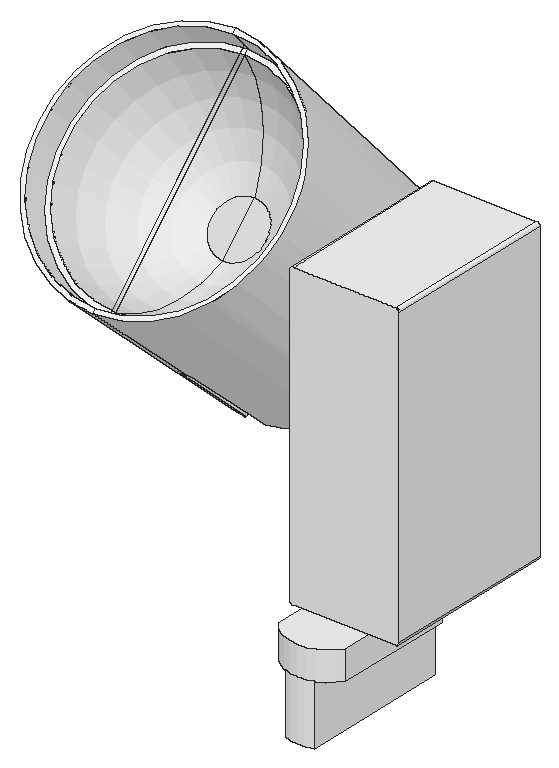
Revit family "0004870 Feilo Sylvania Lighting Fixture START TRACK SPOT L 55W 3K RA90 WB WHITE", category Lighting Fixtures, host Face, Revit 2017 (continued)
Definition of nested family "Start Track Spot Head"
  Types (96, lengths in mm): name | Wattage | built-in parameter 1150134 | Photometric Web File | Model | built-in parameter 1150105 | Lumens | built-in parameter 1150107 | built-in parameter 1150106 | HeadThickness_FEILO | HeadRibOffset_FEILO | HeadRibDepth_FEILO | HeadRibCutWidth_FEILO | HeadRibCutOffset_FEILO | HeadReflectorRadius_FEILO | HeadReflectorOffset_FEILO | HeadLEDRadius_FEILO | HeadHeight_FEILO | HeadDiffusorOffset_FEILO | HeadDiaOut_FEILO | HeadDiaIn_FEILO | HeadAxisFromTop_FEILO | Emit from Circle Diameter | built-in parameter 1150104 | Description | Apparent Load
    0004864 START TRACK SPOT S 24W 3K RA90 WB WHITE | 24 W | (empty or 0) | "0004864.ies" | "START TRACK SPOT S 24W 3K RA90 WB WHITE" | 152.79 (stored number, unit not read) | 1920 lm | 3000 (stored number, unit not read) | 1.5279 (stored number, unit not read) | 1.5 | 4.179 | 55.714 | 7.167 | 50.87 | 50.588 | 55.714 | 9.556 | 117 | 9.435 | 86 | 77.477 | 69.354 | 77.477 | 7.4322 (stored number, unit not read) | "Integrated LED spotlight, Textured White - RAL9016, compact and minimalist design, ideal for retail applications, die-cast aluminium body, passive cooling heatsink. Beam angle: 64°, color temperature: 3000K , total system power: 24W, total fixture output: 1928 lm, LOR: 100%, colour rendering: Ra: 90 typical, LED Chromaticity: 3 step MacAdam ellipse, lifetime: >50000 hours at L70B50, energy class: A++, A+, A, IR/UV free light source without heat radiation, operating voltage: 220-240V / 50-60Hz, drive current: 600mA, electronic driver, non-dimmable, power factor: 0.95, electrical protection: Class II, Global Track 3 Phase adapter suitable for Global trac 3-circuit tracks, ingress protection rating: IP20, suitable for internal environment only, horizontal rotation: 355°, vertical tilt: 90°, dimensions: Ø86x140x200, weight: 0.966kg." | 24 VA
    0004863 START TRACK SPOT S 24W 3K RA90 MB WHITE | 24 W | (empty or 0) | "0004863.ies" | "START TRACK SPOT S 24W 3K RA90 MB WHITE" | 154.7 (stored number, unit not read) | 1944 lm | 3000 (stored number, unit not read) | 1.547 (stored number, unit not read) | 1.5 | 4.179 | 55.714 | 7.167 | 50.87 | 50.588 | 55.714 | 9.556 | 117 | 9.435 | 86 | 77.477 | 69.354 | 77.477 | 7.5251 (stored number, unit not read) | "Integrated LED spotlight, Textured White - RAL9016, compact and minimalist design, ideal for retail applications, die-cast aluminium body, passive cooling heatsink. Beam angle: 36°, color temperature: 3000K , total system power: 24W, total fixture output: 1944 lm, LOR: 100%, colour rendering: Ra: 90 typical, LED Chromaticity: 3 step MacAdam ellipse, lifetime: >50000 hours at L70B50, energy class: A++, A+, A, IR/UV free light source without heat radiation, operating voltage: 220-240V / 50-60Hz, drive current: 600mA, electronic driver, non-dimmable, power factor: 0.95, electrical protection: Class II, Global Track 3 Phase adapter suitable for Global trac 3-circuit tracks, ingress protection rating: IP20, suitable for internal environment only, horizontal rotation: 355°, vertical tilt: 90°, dimensions: Ø86x140x200, weight: 0.966kg." | 24 VA
    0004862 START TRACK SPOT S 24W 3K RA90 NB WHITE | 24 W | (empty or 0) | "0004862.ies" | "START TRACK SPOT S 24W 3K RA90 NB WHITE" | 158.52 (stored number, unit not read) | 1992 lm | 3000 (stored number, unit not read) | 1.5852 (stored number, unit not read) | 1.5 | 4.179 | 55.714 | 7.167 | 50.87 | 50.588 | 55.714 | 9.556 | 117 | 9.435 | 86 | 77.477 | 69.354 | 77.477 | 7.711 (stored number, unit not read) | "Integrated LED spotlight, Textured White - RAL9016, compact and minimalist design, ideal for retail applications, die-cast aluminium body, passive cooling heatsink. Beam angle: 12°, color temperature: 3000K , total system power: 24W, total fixture output: 1987 lm, LOR: 100%, colour rendering: Ra: 90 typical, LED Chromaticity: 3 step MacAdam ellipse, lifetime: >50000 hours at L70B50, energy class: A++, A+, A, IR/UV free light source without heat radiation, operating voltage: 220-240V / 50-60Hz, drive current: 600mA, electronic driver, non-dimmable, power factor: 0.95, electrical protection: Class II, Global Track 3 Phase adapter suitable for Global trac 3-circuit tracks, ingress protection rating: IP20, suitable for internal environment only, horizontal rotation: 355°, vertical tilt: 90°, dimensions: Ø86x140x200, weight: 0.966kg." | 24 VA
    0004861 START TRACK SPOT S 14W 3K RA90 WB WHITE | 14 W | (empty or 0) | "0004861.ies" | "START TRACK SPOT S 14W 3K RA90 WB WHITE" | 100.27 (stored number, unit not read) | 1260 lm | 3000 (stored number, unit not read) | 1.0027 (stored number, unit not read) | 1.5 | 4.179 | 55.714 | 7.167 | 50.87 | 50.588 | 55.714 | 9.556 | 117 | 9.435 | 86 | 77.477 | 69.354 | 77.477 | 8.3613 (stored number, unit not read) | "Integrated LED spotlight, Textured White - RAL9016, compact and minimalist design, ideal for retail applications, die-cast aluminium body, passive cooling heatsink. Beam angle: 64°, color temperature: 3000K , total system power: 14W, total fixture output: 1262 lm, LOR: 100%, colour rendering: Ra: 90 typical, LED Chromaticity: 3 step MacAdam ellipse, lifetime: >50000 hours at L70B50, energy class: A++, A+, A, IR/UV free light source without heat radiation, operating voltage: 220-240V / 50-60Hz, drive current: 350mA, electronic driver, non-dimmable, power factor: 0.92, electrical protection: Class II, Global Track 3 Phase adapter suitable for Global trac 3-circuit tracks, ingress protection rating: IP20, suitable for internal environment only, horizontal rotation: 355°, vertical tilt: 90°, dimensions: Ø86x140x200, weight: 0.940kg." | 14 VA
    0004860 START TRACK SPOT S 14W 3K RA90 MB WHITE | 14 W | (empty or 0) | "0004860.ies" | "START TRACK SPOT S 14W 3K RA90 MB WHITE" | 100.27 (stored number, unit not read) | 1260 lm | 3000 (stored number, unit not read) | 1.0027 (stored number, unit not read) | 1.5 | 4.179 | 55.714 | 7.167 | 50.87 | 50.588 | 55.714 | 9.556 | 117 | 9.435 | 86 | 77.477 | 69.354 | 77.477 | 8.3613 (stored number, unit not read) | "Integrated LED spotlight, Textured White - RAL9016, compact and minimalist design, ideal for retail applications, die-cast aluminium body, passive cooling heatsink. Beam angle: 36°, color temperature: 3000K , total system power: 14W, total fixture output: 1262 lm, LOR: 100%, colour rendering: Ra: 90 typical, LED Chromaticity: 3 step MacAdam ellipse, lifetime: >50000 hours at L70B50, energy class: A++, A+, A, IR/UV free light source without heat radiation, operating voltage: 220-240V / 50-60Hz, drive current: 350mA, electronic driver, non-dimmable, power factor: 0.92, electrical protection: Class II, Global Track 3 Phase adapter suitable for Global trac 3-circuit tracks, ingress protection rating: IP20, suitable for internal environment only, horizontal rotation: 355°, vertical tilt: 90°, dimensions: Ø86x140x200, weight: 0.940kg." | 14 VA
    0004859 START TRACK SPOT S 14W 3K RA90 NB WHITE | 14 W | (empty or 0) | "0004859.ies" | "START TRACK SPOT S 14W 3K RA90 NB WHITE" | 102.5 (stored number, unit not read) | 1288 lm | 3000 (stored number, unit not read) | 1.025 (stored number, unit not read) | 1.5 | 4.179 | 55.714 | 7.167 | 50.87 | 50.588 | 55.714 | 9.556 | 117 | 9.435 | 86 | 77.477 | 69.354 | 77.477 | 8.5471 (stored number, unit not read) | "Integrated LED spotlight, Textured White - RAL9016, compact and minimalist design, ideal for retail applications, die-cast aluminium body, passive cooling heatsink. Beam angle: 12°, color temperature: 3000K , total system power: 14W, total fixture output: 1284 lm, LOR: 100%, colour rendering: Ra: 90 typical, LED Chromaticity: 3 step MacAdam ellipse, lifetime: >50000 hours at L70B50, energy class: A++, A+, A, IR/UV free light source without heat radiation, operating voltage: 220-240V / 50-60Hz, drive current: 350mA, electronic driver, non-dimmable, power factor: 0.92, electrical protection: Class II, Global Track 3 Phase adapter suitable for Global trac 3-circuit tracks, ingress protection rating: IP20, suitable for internal environment only, horizontal rotation: 355°, vertical tilt: 90°, dimensions: Ø86x140x200, weight: 0.940kg." | 14 VA
    0004858 START TRACK SPOT L 55W 4K RA80 WB BLACK | 55 W | 12 | "0004858.ies" | "START TRACK SPOT L 55W 4K RA80 WB BLACK" | 424.55 (stored number, unit not read) | 5335 lm | 4000 (stored number, unit not read) | 4.2455 (stored number, unit not read) | 2 | 4.429 | 59.048 | 9.417 | 53.913 | 66.471 | 59.048 | 12.556 | 124 | 10 | 113 | 101.802 | 73.503 | 101.802 | 9.0116 (stored number, unit not read) | "Integrated LED spotlight, Textured Black - RAL9005, compact and minimalist design, ideal for retail applications, die-cast aluminium body, passive cooling heatsink. Beam angle: 52°, color temperature: 4000K , total system power: 55W, total fixture output: 5320 lm, LOR: 100%, colour rendering: Ra: 80 typical, LED Chromaticity: 3 step MacAdam ellipse, lifetime: >50000 hours at L70B50, energy class: A++, A+, A, IR/UV free light source without heat radiation, operating voltage: 220-240V / 50-60Hz, drive current: 1400mA, electronic driver, non-dimmable, power factor: 0.96, electrical protection: Class II, Global Track 3 Phase adapter suitable for Global trac 3-circuit tracks, ingress protection rating: IP20, suitable for internal environment only, horizontal rotation: 355°, vertical tilt: 90°, dimensions: Ø113x164x240, weight: 1.398kg." | 55 VA
    0004857 START TRACK SPOT L 55W 4K RA80 MB BLACK | 55 W | 12 | "0004857.ies" | "START TRACK SPOT L 55W 4K RA80 MB BLACK" | 428.92 (stored number, unit not read) | 5390 lm | 4000 (stored number, unit not read) | 4.2892 (stored number, unit not read) | 2 | 4.429 | 59.048 | 9.417 | 53.913 | 66.471 | 59.048 | 12.556 | 124 | 10 | 113 | 101.802 | 73.503 | 101.802 | 9.1045 (stored number, unit not read) | "Integrated LED spotlight, Textured Black - RAL9005, compact and minimalist design, ideal for retail applications, die-cast aluminium body, passive cooling heatsink. Beam angle: 38°, color temperature: 4000K , total system power: 55W, total fixture output: 5378 lm, LOR: 100%, colour rendering: Ra: 80 typical, LED Chromaticity: 3 step MacAdam ellipse, lifetime: >50000 hours at L70B50, energy class: A++, A+, A, IR/UV free light source without heat radiation, operating voltage: 220-240V / 50-60Hz, drive current: 1400mA, electronic driver, non-dimmable, power factor: 0.96, electrical protection: Class II, Global Track 3 Phase adapter suitable for Global trac 3-circuit tracks, ingress protection rating: IP20, suitable for internal environment only, horizontal rotation: 355°, vertical tilt: 90°, dimensions: Ø113x164x240, weight: 1.398kg." | 55 VA
    0004856 START TRACK SPOT L 55W 4K RA80 NB BLACK | 55 W | 12 | "0004856.ies" | "START TRACK SPOT L 55W 4K RA80 NB BLACK" | 433.3 (stored number, unit not read) | 5445 lm | 4000 (stored number, unit not read) | 4.333 (stored number, unit not read) | 2 | 4.429 | 59.048 | 9.417 | 53.913 | 66.471 | 59.048 | 12.556 | 124 | 10 | 113 | 101.802 | 73.503 | 101.802 | 9.1974 (stored number, unit not read) | "Integrated LED spotlight, Textured Black - RAL9005, compact and minimalist design, ideal for retail applications, die-cast aluminium body, passive cooling heatsink. Beam angle: 15°, color temperature: 4000K , total system power: 55W, total fixture output: 5426 lm, LOR: 100%, colour rendering: Ra: 80 typical, LED Chromaticity: 3 step MacAdam ellipse, lifetime: >50000 hours at L70B50, energy class: A++, A+, A, IR/UV free light source without heat radiation, operating voltage: 220-240V / 50-60Hz, drive current: 1400mA, electronic driver, non-dimmable, power factor: 0.96, electrical protection: Class II, Global Track 3 Phase adapter suitable for Global trac 3-circuit tracks, ingress protection rating: IP20, suitable for internal environment only, horizontal rotation: 355°, vertical tilt: 90°, dimensions: Ø113x164x240, weight: 1.398kg." | 55 VA
    0004855 START TRACK SPOT L 35W 4K RA80 WB BLACK | 35 W | 12 | "0004855.ies" | "START TRACK SPOT L 35W 4K RA80 WB BLACK" | 320.3 (stored number, unit not read) | 4025 lm | 4000 (stored number, unit not read) | 3.203 (stored number, unit not read) | 2 | 4.429 | 59.048 | 9.417 | 53.913 | 66.471 | 59.048 | 12.556 | 124 | 10 | 113 | 101.802 | 73.503 | 101.802 | 10.684 (stored number, unit not read) | "Integrated LED spotlight, Textured Black - RAL9005, compact and minimalist design, ideal for retail applications, die-cast aluminium body, passive cooling heatsink. Beam angle: 52°, color temperature: 4000K , total system power: 35W, total fixture output: 4010 lm, LOR: 100%, colour rendering: Ra: 80 typical, LED Chromaticity: 3 step MacAdam ellipse, lifetime: >50000 hours at L70B50, energy class: A++, A+, A, IR/UV free light source without heat radiation, operating voltage: 220-240V / 50-60Hz, drive current: 900mA, electronic driver, non-dimmable, power factor: 0.93, electrical protection: Class II, Global Track 3 Phase adapter suitable for Global trac 3-circuit tracks, ingress protection rating: IP20, suitable for internal environment only, horizontal rotation: 355°, vertical tilt: 90°, dimensions: Ø113x164x240, weight: 1.368kg." | 35 VA
    0004854 START TRACK SPOT L 35W 4K RA80 MB BLACK | 35 W | 12 | "0004854.ies" | "START TRACK SPOT L 35W 4K RA80 MB BLACK" | 320.3 (stored number, unit not read) | 4025 lm | 4000 (stored number, unit not read) | 3.203 (stored number, unit not read) | 2 | 4.429 | 59.048 | 9.417 | 53.913 | 66.471 | 59.048 | 12.556 | 124 | 10 | 113 | 101.802 | 73.503 | 101.802 | 10.684 (stored number, unit not read) | "Integrated LED spotlight, Textured Black - RAL9005, compact and minimalist design, ideal for retail applications, die-cast aluminium body, passive cooling heatsink. Beam angle: 38°, color temperature: 4000K , total system power: 35W, total fixture output: 4017 lm, LOR: 100%, colour rendering: Ra: 80 typical, LED Chromaticity: 3 step MacAdam ellipse, lifetime: >50000 hours at L70B50, energy class: A++, A+, A, IR/UV free light source without heat radiation, operating voltage: 220-240V / 50-60Hz, drive current: 900mA, electronic driver, non-dimmable, power factor: 0.93, electrical protection: Class II, Global Track 3 Phase adapter suitable for Global trac 3-circuit tracks, ingress protection rating: IP20, suitable for internal environment only, horizontal rotation: 355°, vertical tilt: 90°, dimensions: Ø113x164x240, weight: 1.368kg." | 35 VA
    0004853 START TRACK SPOT L 35W 4K RA80 NB BLACK | 35 W | 12 | "0004853.ies" | "START TRACK SPOT L 35W 4K RA80 NB BLACK" | 331.44 (stored number, unit not read) | 4165 lm | 4000 (stored number, unit not read) | 3.3144 (stored number, unit not read) | 2 | 4.429 | 59.048 | 9.417 | 53.913 | 66.471 | 59.048 | 12.556 | 124 | 10 | 113 | 101.802 | 73.503 | 101.802 | 11.055 (stored number, unit not read) | "Integrated LED spotlight, Textured Black - RAL9005, compact and minimalist design, ideal for retail applications, die-cast aluminium body, passive cooling heatsink. Beam angle: 15°, color temperature: 4000K , total system power: 35W, total fixture output: 4174 lm, LOR: 100%, colour rendering: Ra: 80 typical, LED Chromaticity: 3 step MacAdam ellipse, lifetime: >50000 hours at L70B50, energy class: A++, A+, A, IR/UV free light source without heat radiation, operating voltage: 220-240V / 50-60Hz, drive current: 900mA, electronic driver, non-dimmable, power factor: 0.93, electrical protection: Class II, Global Track 3 Phase adapter suitable for Global trac 3-circuit tracks, ingress protection rating: IP20, suitable for internal environment only, horizontal rotation: 355°, vertical tilt: 90°, dimensions: Ø113x164x240, weight: 1.368kg." | 35 VA
    0004852 START TRACK SPOT S 24W 4K RA80 WB BLACK | 24 W | 12 | "0004852.ies" | "START TRACK SPOT S 24W 4K RA80 WB BLACK" | 196.72 (stored number, unit not read) | 2472 lm | 4000 (stored number, unit not read) | 1.9672 (stored number, unit not read) | 1.5 | 4.179 | 55.714 | 7.167 | 50.87 | 50.588 | 55.714 | 9.556 | 117 | 9.435 | 86 | 77.477 | 69.354 | 77.477 | 9.569 (stored number, unit not read) | "Integrated LED spotlight, Textured Black - RAL9005, compact and minimalist design, ideal for retail applications, die-cast aluminium body, passive cooling heatsink. Beam angle: 64°, color temperature: 4000K , total system power: 24W, total fixture output: 2476 lm, LOR: 100%, colour rendering: Ra: 80 typical, LED Chromaticity: 3 step MacAdam ellipse, lifetime: >50000 hours at L70B50, energy class: A++, A+, A, IR/UV free light source without heat radiation, operating voltage: 220-240V / 50-60Hz, drive current: 600mA, electronic driver, non-dimmable, power factor: 0.95, electrical protection: Class II, Global Track 3 Phase adapter suitable for Global trac 3-circuit tracks, ingress protection rating: IP20, suitable for internal environment only, horizontal rotation: 355°, vertical tilt: 90°, dimensions: Ø86x140x200, weight: 0.966kg." | 24 VA
    0004851 START TRACK SPOT S 24W 4K RA80 MB BLACK | 24 W | 12 | "0004851.ies" | "START TRACK SPOT S 24W 4K RA80 MB BLACK" | 198.63 (stored number, unit not read) | 2496 lm | 4000 (stored number, unit not read) | 1.9863 (stored number, unit not read) | 1.5 | 4.179 | 55.714 | 7.167 | 50.87 | 50.588 | 55.714 | 9.556 | 117 | 9.435 | 86 | 77.477 | 69.354 | 77.477 | 9.6619 (stored number, unit not read) | "Integrated LED spotlight, Textured Black - RAL9005, compact and minimalist design, ideal for retail applications, die-cast aluminium body, passive cooling heatsink. Beam angle: 36°, color temperature: 4000K , total system power: 24W, total fixture output: 2487 lm, LOR: 100%, colour rendering: Ra: 80 typical, LED Chromaticity: 3 step MacAdam ellipse, lifetime: >50000 hours at L70B50, energy class: A++, A+, A, IR/UV free light source without heat radiation, operating voltage: 220-240V / 50-60Hz, drive current: 600mA, electronic driver, non-dimmable, power factor: 0.95, electrical protection: Class II, Global Track 3 Phase adapter suitable for Global trac 3-circuit tracks, ingress protection rating: IP20, suitable for internal environment only, horizontal rotation: 355°, vertical tilt: 90°, dimensions: Ø86x140x200, weight: 0.966kg." | 24 VA
    0004850 START TRACK SPOT S 24W 4K RA80 NB BLACK | 24 W | 12 | "0004850.ies" | "START TRACK SPOT S 24W 4K RA80 NB BLACK" | 200.54 (stored number, unit not read) | 2520 lm | 4000 (stored number, unit not read) | 2.0054 (stored number, unit not read) | 1.5 | 4.179 | 55.714 | 7.167 | 50.87 | 50.588 | 55.714 | 9.556 | 117 | 9.435 | 86 | 77.477 | 69.354 | 77.477 | 9.7548 (stored number, unit not read) | "Integrated LED spotlight, Textured Black - RAL9005, compact and minimalist design, ideal for retail applications, die-cast aluminium body, passive cooling heatsink. Beam angle: 12°, color temperature: 4000K , total system power: 24W, total fixture output: 2529 lm, LOR: 100%, colour rendering: Ra: 80 typical, LED Chromaticity: 3 step MacAdam ellipse, lifetime: >50000 hours at L70B50, energy class: A++, A+, A, IR/UV free light source without heat radiation, operating voltage: 220-240V / 50-60Hz, drive current: 600mA, electronic driver, non-dimmable, power factor: 0.95, electrical protection: Class II, Global Track 3 Phase adapter suitable for Global trac 3-circuit tracks, ingress protection rating: IP20, suitable for internal environment only, horizontal rotation: 355°, vertical tilt: 90°, dimensions: Ø86x140x200, weight: 0.966kg." | 24 VA
    0004849 START TRACK SPOT S 14W 4K RA80 WB BLACK | 14 W | 12 | "0004849.ies" | "START TRACK SPOT S 14W 4K RA80 WB BLACK" | 123.66 (stored number, unit not read) | 1554 lm | 4000 (stored number, unit not read) | 1.2366 (stored number, unit not read) | 1.5 | 4.179 | 55.714 | 7.167 | 50.87 | 50.588 | 55.714 | 9.556 | 117 | 9.435 | 86 | 77.477 | 69.354 | 77.477 | 10.312 (stored number, unit not read) | "Integrated LED spotlight, Textured Black - RAL9005, compact and minimalist design, ideal for retail applications, die-cast aluminium body, passive cooling heatsink. Beam angle: 64°, color temperature: 4000K , total system power: 14W, total fixture output: 1558 lm, LOR: 100%, colour rendering: Ra: 80 typical, LED Chromaticity: 3 step MacAdam ellipse, lifetime: >50000 hours at L70B50, energy class: A++, A+, A, IR/UV free light source without heat radiation, operating voltage: 220-240V / 50-60Hz, drive current: 350mA, electronic driver, non-dimmable, power factor: 0.92, electrical protection: Class II, Global Track 3 Phase adapter suitable for Global trac 3-circuit tracks, ingress protection rating: IP20, suitable for internal environment only, horizontal rotation: 355°, vertical tilt: 90°, dimensions: Ø86x140x200, weight: 0.940kg." | 14 VA
    0004848 START TRACK SPOT S 14W 4K RA80 MB BLACK | 14 W | 12 | "0004848.ies" | "START TRACK SPOT S 14W 4K RA80 MB BLACK" | 127.01 (stored number, unit not read) | 1596 lm | 4000 (stored number, unit not read) | 1.2701 (stored number, unit not read) | 1.5 | 4.179 | 55.714 | 7.167 | 50.87 | 50.588 | 55.714 | 9.556 | 117 | 9.435 | 86 | 77.477 | 69.354 | 77.477 | 10.591 (stored number, unit not read) | "Integrated LED spotlight, Textured Black - RAL9005, compact and minimalist design, ideal for retail applications, die-cast aluminium body, passive cooling heatsink. Beam angle: 36°, color temperature: 4000K , total system power: 14W, total fixture output: 1598 lm, LOR: 100%, colour rendering: Ra: 80 typical, LED Chromaticity: 3 step MacAdam ellipse, lifetime: >50000 hours at L70B50, energy class: A++, A+, A, IR/UV free light source without heat radiation, operating voltage: 220-240V / 50-60Hz, drive current: 350mA, electronic driver, non-dimmable, power factor: 0.92, electrical protection: Class II, Global Track 3 Phase adapter suitable for Global trac 3-circuit tracks, ingress protection rating: IP20, suitable for internal environment only, horizontal rotation: 355°, vertical tilt: 90°, dimensions: Ø86x140x200, weight: 0.940kg." | 14 VA
    0004847 START TRACK SPOT S 14W 4K RA80 NB BLACK | 14 W | 12 | "0004847.ies" | "START TRACK SPOT S 14W 4K RA80 NB BLACK" | 128.12 (stored number, unit not read) | 1610 lm | 4000 (stored number, unit not read) | 1.2812 (stored number, unit not read) | 1.5 | 4.179 | 55.714 | 7.167 | 50.87 | 50.588 | 55.714 | 9.556 | 117 | 9.435 | 86 | 77.477 | 69.354 | 77.477 | 10.684 (stored number, unit not read) | "Integrated LED spotlight, Textured Black - RAL9005, compact and minimalist design, ideal for retail applications, die-cast aluminium body, passive cooling heatsink. Beam angle: 12°, color temperature: 4000K , total system power: 14W, total fixture output: 1608 lm, LOR: 100%, colour rendering: Ra: 80 typical, LED Chromaticity: 3 step MacAdam ellipse, lifetime: >50000 hours at L70B50, energy class: A++, A+, A, IR/UV free light source without heat radiation, operating voltage: 220-240V / 50-60Hz, drive current: 350mA, electronic driver, non-dimmable, power factor: 0.92, electrical protection: Class II, Global Track 3 Phase adapter suitable for Global trac 3-circuit tracks, ingress protection rating: IP20, suitable for internal environment only, horizontal rotation: 355°, vertical tilt: 90°, dimensions: Ø86x140x200, weight: 0.940kg." | 14 VA
    0004846 START TRACK SPOT L 55W 3K RA80 WB BLACK | 55 W | (empty or 0) | "0004846.ies" | "START TRACK SPOT L 55W 3K RA80 WB BLACK" | 420.17 (stored number, unit not read) | 5280 lm | 3000 (stored number, unit not read) | 4.2017 (stored number, unit not read) | 2 | 4.429 | 59.048 | 9.417 | 53.913 | 66.471 | 59.048 | 12.556 | 124 | 10 | 113 | 101.802 | 73.503 | 101.802 | 8.9187 (stored number, unit not read) | "Integrated LED spotlight, Textured Black - RAL9005, compact and minimalist design, ideal for retail applications, die-cast aluminium body, passive cooling heatsink. Beam angle: 52°, color temperature: 3000K , total system power: 55W, total fixture output: 5298 lm, LOR: 100%, colour rendering: Ra: 80 typical, LED Chromaticity: 3 step MacAdam ellipse, lifetime: >50000 hours at L70B50, energy class: A++, A+, A, IR/UV free light source without heat radiation, operating voltage: 220-240V / 50-60Hz, drive current: 1400mA, electronic driver, non-dimmable, power factor: 0.96, electrical protection: Class II, Global Track 3 Phase adapter suitable for Global trac 3-circuit tracks, ingress protection rating: IP20, suitable for internal environment only, horizontal rotation: 355°, vertical tilt: 90°, dimensions: Ø113x164x240, weight: 1.398kg." | 55 VA
    0004845 START TRACK SPOT L 55W 3K RA80 MB BLACK | 55 W | (empty or 0) | "0004845.ies" | "START TRACK SPOT L 55W 3K RA80 MB BLACK" | 428.92 (stored number, unit not read) | 5390 lm | 3000 (stored number, unit not read) | 4.2892 (stored number, unit not read) | 2 | 4.429 | 59.048 | 9.417 | 53.913 | 66.471 | 59.048 | 12.556 | 124 | 10 | 113 | 101.802 | 73.503 | 101.802 | 9.1045 (stored number, unit not read) | "Integrated LED spotlight, Textured Black - RAL9005, compact and minimalist design, ideal for retail applications, die-cast aluminium body, passive cooling heatsink. Beam angle: 38°, color temperature: 3000K , total system power: 55W, total fixture output: 5381 lm, LOR: 100%, colour rendering: Ra: 80 typical, LED Chromaticity: 3 step MacAdam ellipse, lifetime: >50000 hours at L70B50, energy class: A++, A+, A, IR/UV free light source without heat radiation, operating voltage: 220-240V / 50-60Hz, drive current: 1400mA, electronic driver, non-dimmable, power factor: 0.96, electrical protection: Class II, Global Track 3 Phase adapter suitable for Global trac 3-circuit tracks, ingress protection rating: IP20, suitable for internal environment only, horizontal rotation: 355°, vertical tilt: 90°, dimensions: Ø113x164x240, weight: 1.398kg." | 55 VA
    0004844 START TRACK SPOT L 55W 3K RA80 NB BLACK | 55 W | (empty or 0) | "0004844.ies" | "START TRACK SPOT L 55W 3K RA80 NB BLACK" | 433.3 (stored number, unit not read) | 5445 lm | 3000 (stored number, unit not read) | 4.333 (stored number, unit not read) | 2 | 4.429 | 59.048 | 9.417 | 53.913 | 66.471 | 59.048 | 12.556 | 124 | 10 | 113 | 101.802 | 73.503 | 101.802 | 9.1974 (stored number, unit not read) | "Integrated LED spotlight, Textured Black - RAL9005, compact and minimalist design, ideal for retail applications, die-cast aluminium body, passive cooling heatsink. Beam angle: 15°, color temperature: 3000K , total system power: 55W, total fixture output: 5449 lm, LOR: 100%, colour rendering: Ra: 80 typical, LED Chromaticity: 3 step MacAdam ellipse, lifetime: >50000 hours at L70B50, energy class: A++, A+, A, IR/UV free light source without heat radiation, operating voltage: 220-240V / 50-60Hz, drive current: 1400mA, electronic driver, non-dimmable, power factor: 0.96, electrical protection: Class II, Global Track 3 Phase adapter suitable for Global trac 3-circuit tracks, ingress protection rating: IP20, suitable for internal environment only, horizontal rotation: 355°, vertical tilt: 90°, dimensions: Ø113x164x240, weight: 1.398kg." | 55 VA
    0004843 START TRACK SPOT L 35W 3K RA80 WB BLACK | 35 W | (empty or 0) | "0004843.ies" | "START TRACK SPOT L 35W 3K RA80 WB BLACK" | 314.73 (stored number, unit not read) | 3955 lm | 3000 (stored number, unit not read) | 3.1473 (stored number, unit not read) | 2 | 4.429 | 59.048 | 9.417 | 53.913 | 66.471 | 59.048 | 12.556 | 124 | 10 | 113 | 101.802 | 73.503 | 101.802 | 10.498 (stored number, unit not read) | "Integrated LED spotlight, Textured Black - RAL9005, compact and minimalist design, ideal for retail applications, die-cast aluminium body, passive cooling heatsink. Beam angle: 52°, color temperature: 3000K , total system power: 35W, total fixture output: 3943 lm, LOR: 100%, colour rendering: Ra: 80 typical, LED Chromaticity: 3 step MacAdam ellipse, lifetime: >50000 hours at L70B50, energy class: A++, A+, A, IR/UV free light source without heat radiation, operating voltage: 220-240V / 50-60Hz, drive current: 900mA, electronic driver, non-dimmable, power factor: 0.93, electrical protection: Class II, Global Track 3 Phase adapter suitable for Global trac 3-circuit tracks, ingress protection rating: IP20, suitable for internal environment only, horizontal rotation: 355°, vertical tilt: 90°, dimensions: Ø113x164x240, weight: 1.368kg." | 35 VA
    0004842 START TRACK SPOT L 35W 3K RA80 MB BLACK | 35 W | (empty or 0) | "0004842.ies" | "START TRACK SPOT L 35W 3K RA80 MB BLACK" | 320.3 (stored number, unit not read) | 4025 lm | 3000 (stored number, unit not read) | 3.203 (stored number, unit not read) | 2 | 4.429 | 59.048 | 9.417 | 53.913 | 66.471 | 59.048 | 12.556 | 124 | 10 | 113 | 101.802 | 73.503 | 101.802 | 10.684 (stored number, unit not read) | "Integrated LED spotlight, Textured Black - RAL9005, compact and minimalist design, ideal for retail applications, die-cast aluminium body, passive cooling heatsink. Beam angle: 38°, color temperature: 3000K , total system power: 35W, total fixture output: 4008 lm, LOR: 100%, colour rendering: Ra: 80 typical, LED Chromaticity: 3 step MacAdam ellipse, lifetime: >50000 hours at L70B50, energy class: A++, A+, A, IR/UV free light source without heat radiation, operating voltage: 220-240V / 50-60Hz, drive current: 900mA, electronic driver, non-dimmable, power factor: 0.93, electrical protection: Class II, Global Track 3 Phase adapter suitable for Global trac 3-circuit tracks, ingress protection rating: IP20, suitable for internal environment only, horizontal rotation: 355°, vertical tilt: 90°, dimensions: Ø113x164x240, weight: 1.368kg." | 35 VA
    0004841 START TRACK SPOT L 35W 3K RA80 NB BLACK | 35 W | (empty or 0) | "0004841.ies" | "START TRACK SPOT L 35W 3K RA80 NB BLACK" | 317.51 (stored number, unit not read) | 3990 lm | 3000 (stored number, unit not read) | 3.1751 (stored number, unit not read) | 2 | 4.429 | 59.048 | 9.417 | 53.913 | 66.471 | 59.048 | 12.556 | 124 | 10 | 113 | 101.802 | 73.503 | 101.802 | 10.591 (stored number, unit not read) | "Integrated LED spotlight, Textured Black - RAL9005, compact and minimalist design, ideal for retail applications, die-cast aluminium body, passive cooling heatsink. Beam angle: 15°, color temperature: 3000K , total system power: 35W, total fixture output: 4005 lm, LOR: 100%, colour rendering: Ra: 80 typical, LED Chromaticity: 3 step MacAdam ellipse, lifetime: >50000 hours at L70B50, energy class: A++, A+, A, IR/UV free light source without heat radiation, operating voltage: 220-240V / 50-60Hz, drive current: 900mA, electronic driver, non-dimmable, power factor: 0.93, electrical protection: Class II, Global Track 3 Phase adapter suitable for Global trac 3-circuit tracks, ingress protection rating: IP20, suitable for internal environment only, horizontal rotation: 355°, vertical tilt: 90°, dimensions: Ø113x164x240, weight: 1.368kg." | 35 VA
    0004840 START TRACK SPOT S 24W 3K RA80 WB BLACK | 24 W | (empty or 0) | "0004840.ies" | "START TRACK SPOT S 24W 3K RA80 WB BLACK" | 185.26 (stored number, unit not read) | 2328 lm | 3000 (stored number, unit not read) | 1.8526 (stored number, unit not read) | 1.5 | 4.179 | 55.714 | 7.167 | 50.87 | 50.588 | 55.714 | 9.556 | 117 | 9.435 | 86 | 77.477 | 69.354 | 77.477 | 9.0116 (stored number, unit not read) | "Integrated LED spotlight, Textured Black - RAL9005, compact and minimalist design, ideal for retail applications, die-cast aluminium body, passive cooling heatsink. Beam angle: 64°, color temperature: 3000K , total system power: 24W, total fixture output: 2318 lm, LOR: 100%, colour rendering: Ra: 80 typical, LED Chromaticity: 3 step MacAdam ellipse, lifetime: >50000 hours at L70B50, energy class: A++, A+, A, IR/UV free light source without heat radiation, operating voltage: 220-240V / 50-60Hz, drive current: 600mA, electronic driver, non-dimmable, power factor: 0.95, electrical protection: Class II, Global Track 3 Phase adapter suitable for Global trac 3-circuit tracks, ingress protection rating: IP20, suitable for internal environment only, horizontal rotation: 355°, vertical tilt: 90°, dimensions: Ø86x140x200, weight: 0.966kg." | 24 VA
    0004839 START TRACK SPOT S 24W 3K RA80 MB BLACK | 24 W | (empty or 0) | "0004839.ies" | "START TRACK SPOT S 24W 3K RA80 MB BLACK" | 183.35 (stored number, unit not read) | 2304 lm | 3000 (stored number, unit not read) | 1.8335 (stored number, unit not read) | 1.5 | 4.179 | 55.714 | 7.167 | 50.87 | 50.588 | 55.714 | 9.556 | 117 | 9.435 | 86 | 77.477 | 69.354 | 77.477 | 8.9187 (stored number, unit not read) | "Integrated LED spotlight, Textured Black - RAL9005, compact and minimalist design, ideal for retail applications, die-cast aluminium body, passive cooling heatsink. Beam angle: 36°, color temperature: 3000K , total system power: 24W, total fixture output: 2314 lm, LOR: 100%, colour rendering: Ra: 80 typical, LED Chromaticity: 3 step MacAdam ellipse, lifetime: >50000 hours at L70B50, energy class: A++, A+, A, IR/UV free light source without heat radiation, operating voltage: 220-240V / 50-60Hz, drive current: 600mA, electronic driver, non-dimmable, power factor: 0.95, electrical protection: Class II, Global Track 3 Phase adapter suitable for Global trac 3-circuit tracks, ingress protection rating: IP20, suitable for internal environment only, horizontal rotation: 355°, vertical tilt: 90°, dimensions: Ø86x140x200, weight: 0.966kg." | 24 VA
    0004838 START TRACK SPOT S 24W 3K RA80 NB BLACK | 24 W | (empty or 0) | "0004838.ies" | "START TRACK SPOT S 24W 3K RA80 NB BLACK" | 185.26 (stored number, unit not read) | 2328 lm | 3000 (stored number, unit not read) | 1.8526 (stored number, unit not read) | 1.5 | 4.179 | 55.714 | 7.167 | 50.87 | 50.588 | 55.714 | 9.556 | 117 | 9.435 | 86 | 77.477 | 69.354 | 77.477 | 9.0116 (stored number, unit not read) | "Integrated LED spotlight, Textured Black - RAL9005, compact and minimalist design, ideal for retail applications, die-cast aluminium body, passive cooling heatsink. Beam angle: 12°, color temperature: 3000K , total system power: 24W, total fixture output: 2334 lm, LOR: 100%, colour rendering: Ra: 80 typical, LED Chromaticity: 3 step MacAdam ellipse, lifetime: >50000 hours at L70B50, energy class: A++, A+, A, IR/UV free light source without heat radiation, operating voltage: 220-240V / 50-60Hz, drive current: 600mA, electronic driver, non-dimmable, power factor: 0.95, electrical protection: Class II, Global Track 3 Phase adapter suitable for Global trac 3-circuit tracks, ingress protection rating: IP20, suitable for internal environment only, horizontal rotation: 355°, vertical tilt: 90°, dimensions: Ø86x140x200, weight: 0.966kg." | 24 VA
    0004837 START TRACK SPOT S 14W 3K RA80 WB BLACK | 14 W | (empty or 0) | "0004837.ies" | "START TRACK SPOT S 14W 3K RA80 WB BLACK" | 119.21 (stored number, unit not read) | 1498 lm | 3000 (stored number, unit not read) | 1.1921 (stored number, unit not read) | 1.5 | 4.179 | 55.714 | 7.167 | 50.87 | 50.588 | 55.714 | 9.556 | 117 | 9.435 | 86 | 77.477 | 69.354 | 77.477 | 9.9406 (stored number, unit not read) | "Integrated LED spotlight, Textured Black - RAL9005, compact and minimalist design, ideal for retail applications, die-cast aluminium body, passive cooling heatsink. Beam angle: 64°, color temperature: 3000K , total system power: 14W, total fixture output: 1498 lm, LOR: 100%, colour rendering: Ra: 80 typical, LED Chromaticity: 3 step MacAdam ellipse, lifetime: >50000 hours at L70B50, energy class: A++, A+, A, IR/UV free light source without heat radiation, operating voltage: 220-240V / 50-60Hz, drive current: 350mA, electronic driver, non-dimmable, power factor: 0.92, electrical protection: Class II, Global Track 3 Phase adapter suitable for Global trac 3-circuit tracks, ingress protection rating: IP20, suitable for internal environment only, horizontal rotation: 355°, vertical tilt: 90°, dimensions: Ø86x140x200, weight: 0.940kg." | 14 VA
    0004836 START TRACK SPOT S 14W 3K RA80 MB BLACK | 14 W | (empty or 0) | "0004836.ies" | "START TRACK SPOT S 14W 3K RA80 MB BLACK" | 120.32 (stored number, unit not read) | 1512 lm | 3000 (stored number, unit not read) | 1.2032 (stored number, unit not read) | 1.5 | 4.179 | 55.714 | 7.167 | 50.87 | 50.588 | 55.714 | 9.556 | 117 | 9.435 | 86 | 77.477 | 69.354 | 77.477 | 10.034 (stored number, unit not read) | "Integrated LED spotlight, Textured Black - RAL9005, compact and minimalist design, ideal for retail applications, die-cast aluminium body, passive cooling heatsink. Beam angle: 36°, color temperature: 3000K , total system power: 14W, total fixture output: 1508 lm, LOR: 100%, colour rendering: Ra: 80 typical, LED Chromaticity: 3 step MacAdam ellipse, lifetime: >50000 hours at L70B50, energy class: A++, A+, A, IR/UV free light source without heat radiation, operating voltage: 220-240V / 50-60Hz, drive current: 350mA, electronic driver, non-dimmable, power factor: 0.92, electrical protection: Class II, Global Track 3 Phase adapter suitable for Global trac 3-circuit tracks, ingress protection rating: IP20, suitable for internal environment only, horizontal rotation: 355°, vertical tilt: 90°, dimensions: Ø86x140x200, weight: 0.940kg." | 14 VA
    0004835 START TRACK SPOT S 14W 3K RA80 NB BLACK | 14 W | (empty or 0) | "0004835.ies" | "START TRACK SPOT S 14W 3K RA80 NB BLACK" | 123.66 (stored number, unit not read) | 1554 lm | 3000 (stored number, unit not read) | 1.2366 (stored number, unit not read) | 1.5 | 4.179 | 55.714 | 7.167 | 50.87 | 50.588 | 55.714 | 9.556 | 117 | 9.435 | 86 | 77.477 | 69.354 | 77.477 | 10.312 (stored number, unit not read) | "Integrated LED spotlight, Textured Black - RAL9005, compact and minimalist design, ideal for retail applications, die-cast aluminium body, passive cooling heatsink. Beam angle: 12°, color temperature: 3000K , total system power: 14W, total fixture output: 1551 lm, LOR: 100%, colour rendering: Ra: 80 typical, LED Chromaticity: 3 step MacAdam ellipse, lifetime: >50000 hours at L70B50, energy class: A++, A+, A, IR/UV free light source without heat radiation, operating voltage: 220-240V / 50-60Hz, drive current: 350mA, electronic driver, non-dimmable, power factor: 0.92, electrical protection: Class II, Global Track 3 Phase adapter suitable for Global trac 3-circuit tracks, ingress protection rating: IP20, suitable for internal environment only, horizontal rotation: 355°, vertical tilt: 90°, dimensions: Ø86x140x200, weight: 0.940kg." | 14 VA
    0004834 START TRACK SPOT L 55W 4K RA80 WB WHITE | 55 W | 12 | "0004834.ies" | "START TRACK SPOT L 55W 4K RA80 WB WHITE" | 424.55 (stored number, unit not read) | 5335 lm | 4000 (stored number, unit not read) | 4.2455 (stored number, unit not read) | 2 | 4.429 | 59.048 | 9.417 | 53.913 | 66.471 | 59.048 | 12.556 | 124 | 10 | 113 | 101.802 | 73.503 | 101.802 | 9.0116 (stored number, unit not read) | "Integrated LED spotlight, Textured White - RAL9016, compact and minimalist design, ideal for retail applications, die-cast aluminium body, passive cooling heatsink. Beam angle: 52°, color temperature: 4000K , total system power: 55W, total fixture output: 5320 lm, LOR: 100%, colour rendering: Ra: 80 typical, LED Chromaticity: 3 step MacAdam ellipse, lifetime: >50000 hours at L70B50, energy class: A++, A+, A, IR/UV free light source without heat radiation, operating voltage: 220-240V / 50-60Hz, drive current: 1400mA, electronic driver, non-dimmable, power factor: 0.96, electrical protection: Class II, Global Track 3 Phase adapter suitable for Global trac 3-circuit tracks, ingress protection rating: IP20, suitable for internal environment only, horizontal rotation: 355°, vertical tilt: 90°, dimensions: Ø113x164x240, weight: 1.398kg." | 55 VA
    0004833 START TRACK SPOT L 55W 4K RA80 MB WHITE | 55 W | 12 | "0004833.ies" | "START TRACK SPOT L 55W 4K RA80 MB WHITE" | 428.92 (stored number, unit not read) | 5390 lm | 4000 (stored number, unit not read) | 4.2892 (stored number, unit not read) | 2 | 4.429 | 59.048 | 9.417 | 53.913 | 66.471 | 59.048 | 12.556 | 124 | 10 | 113 | 101.802 | 73.503 | 101.802 | 9.1045 (stored number, unit not read) | "Integrated LED spotlight, Textured White - RAL9016, compact and minimalist design, ideal for retail applications, die-cast aluminium body, passive cooling heatsink. Beam angle: 38°, color temperature: 4000K , total system power: 55W, total fixture output: 5378 lm, LOR: 100%, colour rendering: Ra: 80 typical, LED Chromaticity: 3 step MacAdam ellipse, lifetime: >50000 hours at L70B50, energy class: A++, A+, A, IR/UV free light source without heat radiation, operating voltage: 220-240V / 50-60Hz, drive current: 1400mA, electronic driver, non-dimmable, power factor: 0.96, electrical protection: Class II, Global Track 3 Phase adapter suitable for Global trac 3-circuit tracks, ingress protection rating: IP20, suitable for internal environment only, horizontal rotation: 355°, vertical tilt: 90°, dimensions: Ø113x164x240, weight: 1.398kg." | 55 VA
    0004832 START TRACK SPOT L 55W 4K RA80 NB WHITE | 55 W | 12 | "0004832.ies" | "START TRACK SPOT L 55W 4K RA80 NB WHITE" | 433.3 (stored number, unit not read) | 5445 lm | 4000 (stored number, unit not read) | 4.333 (stored number, unit not read) | 2 | 4.429 | 59.048 | 9.417 | 53.913 | 66.471 | 59.048 | 12.556 | 124 | 10 | 113 | 101.802 | 73.503 | 101.802 | 9.1974 (stored number, unit not read) | "Integrated LED spotlight, Textured White - RAL9016, compact and minimalist design, ideal for retail applications, die-cast aluminium body, passive cooling heatsink. Beam angle: 15°, color temperature: 4000K , total system power: 55W, total fixture output: 5426 lm, LOR: 100%, colour rendering: Ra: 80 typical, LED Chromaticity: 3 step MacAdam ellipse, lifetime: >50000 hours at L70B50, energy class: A++, A+, A, IR/UV free light source without heat radiation, operating voltage: 220-240V / 50-60Hz, drive current: 1400mA, electronic driver, non-dimmable, power factor: 0.96, electrical protection: Class II, Global Track 3 Phase adapter suitable for Global trac 3-circuit tracks, ingress protection rating: IP20, suitable for internal environment only, horizontal rotation: 355°, vertical tilt: 90°, dimensions: Ø113x164x240, weight: 1.398kg." | 55 VA
    0004831 START TRACK SPOT L 35W 4K RA80 WB WHITE | 35 W | 12 | "0004831.ies" | "START TRACK SPOT L 35W 4K RA80 WB WHITE" | 320.3 (stored number, unit not read) | 4025 lm | 4000 (stored number, unit not read) | 3.203 (stored number, unit not read) | 2 | 4.429 | 59.048 | 9.417 | 53.913 | 66.471 | 59.048 | 12.556 | 124 | 10 | 113 | 101.802 | 73.503 | 101.802 | 10.684 (stored number, unit not read) | "Integrated LED spotlight, Textured White - RAL9016, compact and minimalist design, ideal for retail applications, die-cast aluminium body, passive cooling heatsink. Beam angle: 52°, color temperature: 4000K , total system power: 35W, total fixture output: 4010 lm, LOR: 100%, colour rendering: Ra: 80 typical, LED Chromaticity: 3 step MacAdam ellipse, lifetime: >50000 hours at L70B50, energy class: A++, A+, A, IR/UV free light source without heat radiation, operating voltage: 220-240V / 50-60Hz, drive current: 900mA, electronic driver, non-dimmable, power factor: 0.93, electrical protection: Class II, Global Track 3 Phase adapter suitable for Global trac 3-circuit tracks, ingress protection rating: IP20, suitable for internal environment only, horizontal rotation: 355°, vertical tilt: 90°, dimensions: Ø113x164x240, weight: 1.368kg." | 35 VA
    0004830 START TRACK SPOT L 35W 4K RA80 MB WHITE | 35 W | 12 | "0004830.ies" | "START TRACK SPOT L 35W 4K RA80 MB WHITE" | 320.3 (stored number, unit not read) | 4025 lm | 4000 (stored number, unit not read) | 3.203 (stored number, unit not read) | 2 | 4.429 | 59.048 | 9.417 | 53.913 | 66.471 | 59.048 | 12.556 | 124 | 10 | 113 | 101.802 | 73.503 | 101.802 | 10.684 (stored number, unit not read) | "Integrated LED spotlight, Textured White - RAL9016, compact and minimalist design, ideal for retail applications, die-cast aluminium body, passive cooling heatsink. Beam angle: 38°, color temperature: 4000K , total system power: 35W, total fixture output: 4017 lm, LOR: 100%, colour rendering: Ra: 80 typical, LED Chromaticity: 3 step MacAdam ellipse, lifetime: >50000 hours at L70B50, energy class: A++, A+, A, IR/UV free light source without heat radiation, operating voltage: 220-240V / 50-60Hz, drive current: 900mA, electronic driver, non-dimmable, power factor: 0.93, electrical protection: Class II, Global Track 3 Phase adapter suitable for Global trac 3-circuit tracks, ingress protection rating: IP20, suitable for internal environment only, horizontal rotation: 355°, vertical tilt: 90°, dimensions: Ø113x164x240, weight: 1.368kg." | 35 VA
    0004829 START TRACK SPOT L 35W 4K RA80 NB WHITE | 35 W | 12 | "0004829.ies" | "START TRACK SPOT L 35W 4K RA80 NB WHITE" | 331.44 (stored number, unit not read) | 4165 lm | 4000 (stored number, unit not read) | 3.3144 (stored number, unit not read) | 2 | 4.429 | 59.048 | 9.417 | 53.913 | 66.471 | 59.048 | 12.556 | 124 | 10 | 113 | 101.802 | 73.503 | 101.802 | 11.055 (stored number, unit not read) | "Integrated LED spotlight, Textured White - RAL9016, compact and minimalist design, ideal for retail applications, die-cast aluminium body, passive cooling heatsink. Beam angle: 15°, color temperature: 4000K , total system power: 35W, total fixture output: 4174 lm, LOR: 100%, colour rendering: Ra: 80 typical, LED Chromaticity: 3 step MacAdam ellipse, lifetime: >50000 hours at L70B50, energy class: A++, A+, A, IR/UV free light source without heat radiation, operating voltage: 220-240V / 50-60Hz, drive current: 900mA, electronic driver, non-dimmable, power factor: 0.93, electrical protection: Class II, Global Track 3 Phase adapter suitable for Global trac 3-circuit tracks, ingress protection rating: IP20, suitable for internal environment only, horizontal rotation: 355°, vertical tilt: 90°, dimensions: Ø113x164x240, weight: 1.368kg." | 35 VA
    0004828 START TRACK SPOT S 24W 4K RA80 WB WHITE | 24 W | 12 | "0004828.ies" | "START TRACK SPOT S 24W 4K RA80 WB WHITE" | 196.72 (stored number, unit not read) | 2472 lm | 4000 (stored number, unit not read) | 1.9672 (stored number, unit not read) | 1.5 | 4.179 | 55.714 | 7.167 | 50.87 | 50.588 | 55.714 | 9.556 | 117 | 9.435 | 86 | 77.477 | 69.354 | 77.477 | 9.569 (stored number, unit not read) | "Integrated LED spotlight, Textured White - RAL9016, compact and minimalist design, ideal for retail applications, die-cast aluminium body, passive cooling heatsink. Beam angle: 64°, color temperature: 4000K , total system power: 24W, total fixture output: 2476 lm, LOR: 100%, colour rendering: Ra: 80 typical, LED Chromaticity: 3 step MacAdam ellipse, lifetime: >50000 hours at L70B50, energy class: A++, A+, A, IR/UV free light source without heat radiation, operating voltage: 220-240V / 50-60Hz, drive current: 600mA, electronic driver, non-dimmable, power factor: 0.95, electrical protection: Class II, Global Track 3 Phase adapter suitable for Global trac 3-circuit tracks, ingress protection rating: IP20, suitable for internal environment only, horizontal rotation: 355°, vertical tilt: 90°, dimensions: Ø86x140x200, weight: 0.966kg." | 24 VA
    0004827 START TRACK SPOT S 24W 4K RA80 MB WHITE | 24 W | 12 | "0004827.ies" | "START TRACK SPOT S 24W 4K RA80 MB WHITE" | 198.63 (stored number, unit not read) | 2496 lm | 4000 (stored number, unit not read) | 1.9863 (stored number, unit not read) | 1.5 | 4.179 | 55.714 | 7.167 | 50.87 | 50.588 | 55.714 | 9.556 | 117 | 9.435 | 86 | 77.477 | 69.354 | 77.477 | 9.6619 (stored number, unit not read) | "Integrated LED spotlight, Textured White - RAL9016, compact and minimalist design, ideal for retail applications, die-cast aluminium body, passive cooling heatsink. Beam angle: 36°, color temperature: 4000K , total system power: 24W, total fixture output: 2487 lm, LOR: 100%, colour rendering: Ra: 80 typical, LED Chromaticity: 3 step MacAdam ellipse, lifetime: >50000 hours at L70B50, energy class: A++, A+, A, IR/UV free light source without heat radiation, operating voltage: 220-240V / 50-60Hz, drive current: 600mA, electronic driver, non-dimmable, power factor: 0.95, electrical protection: Class II, Global Track 3 Phase adapter suitable for Global trac 3-circuit tracks, ingress protection rating: IP20, suitable for internal environment only, horizontal rotation: 355°, vertical tilt: 90°, dimensions: Ø86x140x200, weight: 0.966kg." | 24 VA
    0004826 START TRACK SPOT S 24W 4K RA80 NB WHITE | 24 W | 12 | "0004826.ies" | "START TRACK SPOT S 24W 4K RA80 NB WHITE" | 200.54 (stored number, unit not read) | 2520 lm | 4000 (stored number, unit not read) | 2.0054 (stored number, unit not read) | 1.5 | 4.179 | 55.714 | 7.167 | 50.87 | 50.588 | 55.714 | 9.556 | 117 | 9.435 | 86 | 77.477 | 69.354 | 77.477 | 9.7548 (stored number, unit not read) | "Integrated LED spotlight, Textured White - RAL9016, compact and minimalist design, ideal for retail applications, die-cast aluminium body, passive cooling heatsink. Beam angle: 12°, color temperature: 4000K , total system power: 24W, total fixture output: 2529 lm, LOR: 100%, colour rendering: Ra: 80 typical, LED Chromaticity: 3 step MacAdam ellipse, lifetime: >50000 hours at L70B50, energy class: A++, A+, A, IR/UV free light source without heat radiation, operating voltage: 220-240V / 50-60Hz, drive current: 600mA, electronic driver, non-dimmable, power factor: 0.95, electrical protection: Class II, Global Track 3 Phase adapter suitable for Global trac 3-circuit tracks, ingress protection rating: IP20, suitable for internal environment only, horizontal rotation: 355°, vertical tilt: 90°, dimensions: Ø86x140x200, weight: 0.966kg." | 24 VA
    0004825 START TRACK SPOT S 14W 4K RA80 WB WHITE | 14 W | 12 | "0004825.ies" | "START TRACK SPOT S 14W 4K RA80 WB WHITE" | 123.66 (stored number, unit not read) | 1554 lm | 4000 (stored number, unit not read) | 1.2366 (stored number, unit not read) | 1.5 | 4.179 | 55.714 | 7.167 | 50.87 | 50.588 | 55.714 | 9.556 | 117 | 9.435 | 86 | 77.477 | 69.354 | 77.477 | 10.312 (stored number, unit not read) | "Integrated LED spotlight, Textured White - RAL9016, compact and minimalist design, ideal for retail applications, die-cast aluminium body, passive cooling heatsink. Beam angle: 64°, color temperature: 4000K , total system power: 14W, total fixture output: 1558 lm, LOR: 100%, colour rendering: Ra: 80 typical, LED Chromaticity: 3 step MacAdam ellipse, lifetime: >50000 hours at L70B50, energy class: A++, A+, A, IR/UV free light source without heat radiation, operating voltage: 220-240V / 50-60Hz, drive current: 350mA, electronic driver, non-dimmable, power factor: 0.92, electrical protection: Class II, Global Track 3 Phase adapter suitable for Global trac 3-circuit tracks, ingress protection rating: IP20, suitable for internal environment only, horizontal rotation: 355°, vertical tilt: 90°, dimensions: Ø86x140x200, weight: 0.940kg." | 14 VA
    0004824 START TRACK SPOT S 14W 4K RA80 MB WHITE | 14 W | 12 | "0004824.ies" | "START TRACK SPOT S 14W 4K RA80 MB WHITE" | 127.01 (stored number, unit not read) | 1596 lm | 4000 (stored number, unit not read) | 1.2701 (stored number, unit not read) | 1.5 | 4.179 | 55.714 | 7.167 | 50.87 | 50.588 | 55.714 | 9.556 | 117 | 9.435 | 86 | 77.477 | 69.354 | 77.477 | 10.591 (stored number, unit not read) | "Integrated LED spotlight, Textured White - RAL9016, compact and minimalist design, ideal for retail applications, die-cast aluminium body, passive cooling heatsink. Beam angle: 36°, color temperature: 4000K , total system power: 14W, total fixture output: 1598 lm, LOR: 100%, colour rendering: Ra: 80 typical, LED Chromaticity: 3 step MacAdam ellipse, lifetime: >50000 hours at L70B50, energy class: A++, A+, A, IR/UV free light source without heat radiation, operating voltage: 220-240V / 50-60Hz, drive current: 350mA, electronic driver, non-dimmable, power factor: 0.92, electrical protection: Class II, Global Track 3 Phase adapter suitable for Global trac 3-circuit tracks, ingress protection rating: IP20, suitable for internal environment only, horizontal rotation: 355°, vertical tilt: 90°, dimensions: Ø86x140x200, weight: 0.940kg." | 14 VA
    0004823 START TRACK SPOT S 14W 4K RA80 NB WHITE | 14 W | 12 | "0004823.ies" | "START TRACK SPOT S 14W 4K RA80 NB WHITE" | 128.12 (stored number, unit not read) | 1610 lm | 4000 (stored number, unit not read) | 1.2812 (stored number, unit not read) | 1.5 | 4.179 | 55.714 | 7.167 | 50.87 | 50.588 | 55.714 | 9.556 | 117 | 9.435 | 86 | 77.477 | 69.354 | 77.477 | 10.684 (stored number, unit not read) | "Integrated LED spotlight, Textured White - RAL9016, compact and minimalist design, ideal for retail applications, die-cast aluminium body, passive cooling heatsink. Beam angle: 12°, color temperature: 4000K , total system power: 14W, total fixture output: 1608 lm, LOR: 100%, colour rendering: Ra: 80 typical, LED Chromaticity: 3 step MacAdam ellipse, lifetime: >50000 hours at L70B50, energy class: A++, A+, A, IR/UV free light source without heat radiation, operating voltage: 220-240V / 50-60Hz, drive current: 350mA, electronic driver, non-dimmable, power factor: 0.92, electrical protection: Class II, Global Track 3 Phase adapter suitable for Global trac 3-circuit tracks, ingress protection rating: IP20, suitable for internal environment only, horizontal rotation: 355°, vertical tilt: 90°, dimensions: Ø86x140x200, weight: 0.940kg." | 14 VA
    0004822 START TRACK SPOT L 55W 3K RA80 WB WHITE | 55 W | (empty or 0) | "0004822.ies" | "START TRACK SPOT L 55W 3K RA80 WB WHITE" | 420.17 (stored number, unit not read) | 5280 lm | 3000 (stored number, unit not read) | 4.2017 (stored number, unit not read) | 2 | 4.429 | 59.048 | 9.417 | 53.913 | 66.471 | 59.048 | 12.556 | 124 | 10 | 113 | 101.802 | 73.503 | 101.802 | 8.9187 (stored number, unit not read) | "Integrated LED spotlight, Textured White - RAL9016, compact and minimalist design, ideal for retail applications, die-cast aluminium body, passive cooling heatsink. Beam angle: 52°, color temperature: 3000K , total system power: 55W, total fixture output: 5298 lm, LOR: 100%, colour rendering: Ra: 80 typical, LED Chromaticity: 3 step MacAdam ellipse, lifetime: >50000 hours at L70B50, energy class: A++, A+, A, IR/UV free light source without heat radiation, operating voltage: 220-240V / 50-60Hz, drive current: 1400mA, electronic driver, non-dimmable, power factor: 0.96, electrical protection: Class II, Global Track 3 Phase adapter suitable for Global trac 3-circuit tracks, ingress protection rating: IP20, suitable for internal environment only, horizontal rotation: 355°, vertical tilt: 90°, dimensions: Ø113x164x240, weight: 1.398kg." | 55 VA
    0004821 START TRACK SPOT L 55W 3K RA80 MB WHITE | 55 W | (empty or 0) | "0004821.ies" | "START TRACK SPOT L 55W 3K RA80 MB WHITE" | 428.92 (stored number, unit not read) | 5390 lm | 3000 (stored number, unit not read) | 4.2892 (stored number, unit not read) | 2 | 4.429 | 59.048 | 9.417 | 53.913 | 66.471 | 59.048 | 12.556 | 124 | 10 | 113 | 101.802 | 73.503 | 101.802 | 9.1045 (stored number, unit not read) | "Integrated LED spotlight, Textured White - RAL9016, compact and minimalist design, ideal for retail applications, die-cast aluminium body, passive cooling heatsink. Beam angle: 38°, color temperature: 3000K , total system power: 55W, total fixture output: 5381 lm, LOR: 100%, colour rendering: Ra: 80 typical, LED Chromaticity: 3 step MacAdam ellipse, lifetime: >50000 hours at L70B50, energy class: A++, A+, A, IR/UV free light source without heat radiation, operating voltage: 220-240V / 50-60Hz, drive current: 1400mA, electronic driver, non-dimmable, power factor: 0.96, electrical protection: Class II, Global Track 3 Phase adapter suitable for Global trac 3-circuit tracks, ingress protection rating: IP20, suitable for internal environment only, horizontal rotation: 355°, vertical tilt: 90°, dimensions: Ø113x164x240, weight: 1.398kg." | 55 VA
    0004820 START TRACK SPOT L 55W 3K RA80 NB WHITE | 55 W | (empty or 0) | "0004820.ies" | "START TRACK SPOT L 55W 3K RA80 NB WHITE" | 433.3 (stored number, unit not read) | 5445 lm | 3000 (stored number, unit not read) | 4.333 (stored number, unit not read) | 2 | 4.429 | 59.048 | 9.417 | 53.913 | 66.471 | 59.048 | 12.556 | 124 | 10 | 113 | 101.802 | 73.503 | 101.802 | 9.1974 (stored number, unit not read) | "Integrated LED spotlight, Textured White - RAL9016, compact and minimalist design, ideal for retail applications, die-cast aluminium body, passive cooling heatsink. Beam angle: 15°, color temperature: 3000K , total system power: 55W, total fixture output: 5449 lm, LOR: 100%, colour rendering: Ra: 80 typical, LED Chromaticity: 3 step MacAdam ellipse, lifetime: >50000 hours at L70B50, energy class: A++, A+, A, IR/UV free light source without heat radiation, operating voltage: 220-240V / 50-60Hz, drive current: 1400mA, electronic driver, non-dimmable, power factor: 0.96, electrical protection: Class II, Global Track 3 Phase adapter suitable for Global trac 3-circuit tracks, ingress protection rating: IP20, suitable for internal environment only, horizontal rotation: 355°, vertical tilt: 90°, dimensions: Ø113x164x240, weight: 1.398kg." | 55 VA
    0004819 START TRACK SPOT L 35W 3K RA80 WB WHITE | 35 W | (empty or 0) | "0004819.ies" | "START TRACK SPOT L 35W 3K RA80 WB WHITE" | 314.73 (stored number, unit not read) | 3955 lm | 3000 (stored number, unit not read) | 3.1473 (stored number, unit not read) | 2 | 4.429 | 59.048 | 9.417 | 53.913 | 66.471 | 59.048 | 12.556 | 124 | 10 | 113 | 101.802 | 73.503 | 101.802 | 10.498 (stored number, unit not read) | "Integrated LED spotlight, Textured White - RAL9016, compact and minimalist design, ideal for retail applications, die-cast aluminium body, passive cooling heatsink. Beam angle: 52°, color temperature: 3000K , total system power: 35W, total fixture output: 3943 lm, LOR: 100%, colour rendering: Ra: 80 typical, LED Chromaticity: 3 step MacAdam ellipse, lifetime: >50000 hours at L70B50, energy class: A++, A+, A, IR/UV free light source without heat radiation, operating voltage: 220-240V / 50-60Hz, drive current: 900mA, electronic driver, non-dimmable, power factor: 0.93, electrical protection: Class II, Global Track 3 Phase adapter suitable for Global trac 3-circuit tracks, ingress protection rating: IP20, suitable for internal environment only, horizontal rotation: 355°, vertical tilt: 90°, dimensions: Ø113x164x240, weight: 1.368kg." | 35 VA
    0004818 START TRACK SPOT L 35W 3K RA80 MB WHITE | 35 W | (empty or 0) | "0004818.ies" | "START TRACK SPOT L 35W 3K RA80 MB WHITE" | 320.3 (stored number, unit not read) | 4025 lm | 3000 (stored number, unit not read) | 3.203 (stored number, unit not read) | 2 | 4.429 | 59.048 | 9.417 | 53.913 | 66.471 | 59.048 | 12.556 | 124 | 10 | 113 | 101.802 | 73.503 | 101.802 | 10.684 (stored number, unit not read) | "Integrated LED spotlight, Textured White - RAL9016, compact and minimalist design, ideal for retail applications, die-cast aluminium body, passive cooling heatsink. Beam angle: 38°, color temperature: 3000K , total system power: 35W, total fixture output: 4008 lm, LOR: 100%, colour rendering: Ra: 80 typical, LED Chromaticity: 3 step MacAdam ellipse, lifetime: >50000 hours at L70B50, energy class: A++, A+, A, IR/UV free light source without heat radiation, operating voltage: 220-240V / 50-60Hz, drive current: 900mA, electronic driver, non-dimmable, power factor: 0.93, electrical protection: Class II, Global Track 3 Phase adapter suitable for Global trac 3-circuit tracks, ingress protection rating: IP20, suitable for internal environment only, horizontal rotation: 355°, vertical tilt: 90°, dimensions: Ø113x164x240, weight: 1.368kg." | 35 VA
    0004817 START TRACK SPOT L 35W 3K RA80 NB WHITE | 35 W | (empty or 0) | "0004817.ies" | "START TRACK SPOT L 35W 3K RA80 NB WHITE" | 317.51 (stored number, unit not read) | 3990 lm | 3000 (stored number, unit not read) | 3.1751 (stored number, unit not read) | 2 | 4.429 | 59.048 | 9.417 | 53.913 | 66.471 | 59.048 | 12.556 | 124 | 10 | 113 | 101.802 | 73.503 | 101.802 | 10.591 (stored number, unit not read) | "Integrated LED spotlight, Textured White - RAL9016, compact and minimalist design, ideal for retail applications, die-cast aluminium body, passive cooling heatsink. Beam angle: 15°, color temperature: 3000K , total system power: 35W, total fixture output: 4005 lm, LOR: 100%, colour rendering: Ra: 80 typical, LED Chromaticity: 3 step MacAdam ellipse, lifetime: >50000 hours at L70B50, energy class: A++, A+, A, IR/UV free light source without heat radiation, operating voltage: 220-240V / 50-60Hz, drive current: 900mA, electronic driver, non-dimmable, power factor: 0.93, electrical protection: Class II, Global Track 3 Phase adapter suitable for Global trac 3-circuit tracks, ingress protection rating: IP20, suitable for internal environment only, horizontal rotation: 355°, vertical tilt: 90°, dimensions: Ø113x164x240, weight: 1.368kg." | 35 VA
    0004816 START TRACK SPOT S 24W 3K RA80 WB WHITE | 24 W | (empty or 0) | "0004816.ies" | "START TRACK SPOT S 24W 3K RA80 WB WHITE" | 185.26 (stored number, unit not read) | 2328 lm | 3000 (stored number, unit not read) | 1.8526 (stored number, unit not read) | 1.5 | 4.179 | 55.714 | 7.167 | 50.87 | 50.588 | 55.714 | 9.556 | 117 | 9.435 | 86 | 77.477 | 69.354 | 77.477 | 9.0116 (stored number, unit not read) | "Integrated LED spotlight, Textured White - RAL9016, compact and minimalist design, ideal for retail applications, die-cast aluminium body, passive cooling heatsink. Beam angle: 64°, color temperature: 3000K , total system power: 24W, total fixture output: 2318 lm, LOR: 100%, colour rendering: Ra: 80 typical, LED Chromaticity: 3 step MacAdam ellipse, lifetime: >50000 hours at L70B50, energy class: A++, A+, A, IR/UV free light source without heat radiation, operating voltage: 220-240V / 50-60Hz, drive current: 600mA, electronic driver, non-dimmable, power factor: 0.95, electrical protection: Class II, Global Track 3 Phase adapter suitable for Global trac 3-circuit tracks, ingress protection rating: IP20, suitable for internal environment only, horizontal rotation: 355°, vertical tilt: 90°, dimensions: Ø86x140x200, weight: 0.966kg." | 24 VA
    0004815 START TRACK SPOT S 24W 3K RA80 MB WHITE | 24 W | (empty or 0) | "0004815.ies" | "START TRACK SPOT S 24W 3K RA80 MB WHITE" | 183.35 (stored number, unit not read) | 2304 lm | 3000 (stored number, unit not read) | 1.8335 (stored number, unit not read) | 1.5 | 4.179 | 55.714 | 7.167 | 50.87 | 50.588 | 55.714 | 9.556 | 117 | 9.435 | 86 | 77.477 | 69.354 | 77.477 | 8.9187 (stored number, unit not read) | "Integrated LED spotlight, Textured White - RAL9016, compact and minimalist design, ideal for retail applications, die-cast aluminium body, passive cooling heatsink. Beam angle: 36°, color temperature: 3000K , total system power: 24W, total fixture output: 2314 lm, LOR: 100%, colour rendering: Ra: 80 typical, LED Chromaticity: 3 step MacAdam ellipse, lifetime: >50000 hours at L70B50, energy class: A++, A+, A, IR/UV free light source without heat radiation, operating voltage: 220-240V / 50-60Hz, drive current: 600mA, electronic driver, non-dimmable, power factor: 0.95, electrical protection: Class II, Global Track 3 Phase adapter suitable for Global trac 3-circuit tracks, ingress protection rating: IP20, suitable for internal environment only, horizontal rotation: 355°, vertical tilt: 90°, dimensions: Ø86x140x200, weight: 0.966kg." | 24 VA
    0004814 START TRACK SPOT S 24W 3K RA80 NB WHITE | 24 W | (empty or 0) | "0004814.ies" | "START TRACK SPOT S 24W 3K RA80 NB WHITE" | 185.26 (stored number, unit not read) | 2328 lm | 3000 (stored number, unit not read) | 1.8526 (stored number, unit not read) | 1.5 | 4.179 | 55.714 | 7.167 | 50.87 | 50.588 | 55.714 | 9.556 | 117 | 9.435 | 86 | 77.477 | 69.354 | 77.477 | 9.0116 (stored number, unit not read) | "Integrated LED spotlight, Textured White - RAL9016, compact and minimalist design, ideal for retail applications, die-cast aluminium body, passive cooling heatsink. Beam angle: 12°, color temperature: 3000K , total system power: 24W, total fixture output: 2334 lm, LOR: 100%, colour rendering: Ra: 80 typical, LED Chromaticity: 3 step MacAdam ellipse, lifetime: >50000 hours at L70B50, energy class: A++, A+, A, IR/UV free light source without heat radiation, operating voltage: 220-240V / 50-60Hz, drive current: 600mA, electronic driver, non-dimmable, power factor: 0.95, electrical protection: Class II, Global Track 3 Phase adapter suitable for Global trac 3-circuit tracks, ingress protection rating: IP20, suitable for internal environment only, horizontal rotation: 355°, vertical tilt: 90°, dimensions: Ø86x140x200, weight: 0.966kg." | 24 VA
    0004813 START TRACK SPOT S 14W 3K RA80 WB WHITE | 14 W | (empty or 0) | "0004813.ies" | "START TRACK SPOT S 14W 3K RA80 WB WHITE" | 119.21 (stored number, unit not read) | 1498 lm | 3000 (stored number, unit not read) | 1.1921 (stored number, unit not read) | 1.5 | 4.179 | 55.714 | 7.167 | 50.87 | 50.588 | 55.714 | 9.556 | 117 | 9.435 | 86 | 77.477 | 69.354 | 77.477 | 9.9406 (stored number, unit not read) | "Integrated LED spotlight, Textured White - RAL9016, compact and minimalist design, ideal for retail applications, die-cast aluminium body, passive cooling heatsink. Beam angle: 64°, color temperature: 3000K , total system power: 14W, total fixture output: 1498 lm, LOR: 100%, colour rendering: Ra: 80 typical, LED Chromaticity: 3 step MacAdam ellipse, lifetime: >50000 hours at L70B50, energy class: A++, A+, A, IR/UV free light source without heat radiation, operating voltage: 220-240V / 50-60Hz, drive current: 350mA, electronic driver, non-dimmable, power factor: 0.92, electrical protection: Class II, Global Track 3 Phase adapter suitable for Global trac 3-circuit tracks, ingress protection rating: IP20, suitable for internal environment only, horizontal rotation: 355°, vertical tilt: 90°, dimensions: Ø86x140x200, weight: 0.940kg." | 14 VA
